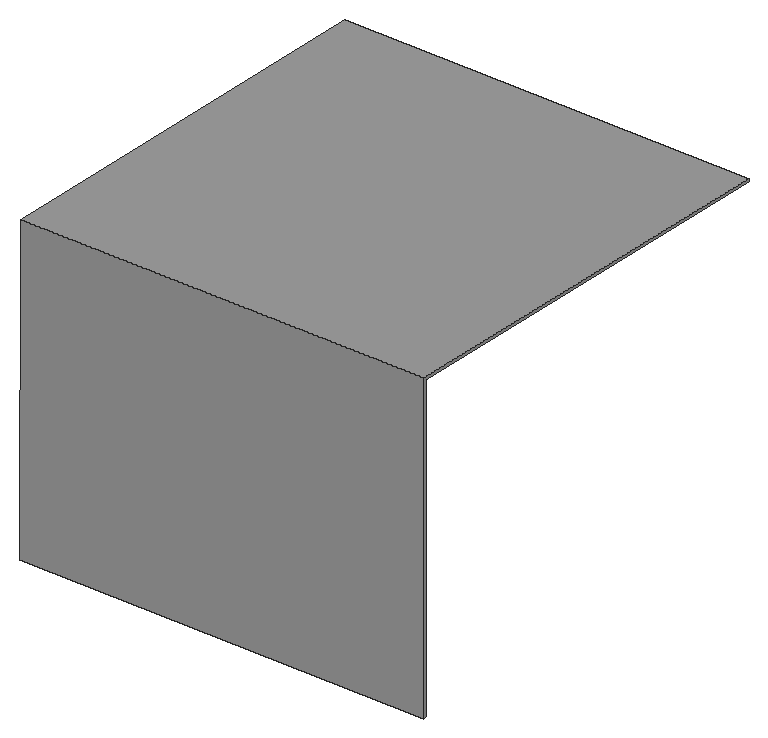
Revit family "Flashing_Preformed_Hyload_CornerCap-Ext", category Generic Models, Revit 2014
Parameters (values of type "As Specified")
  Unit Width = 0' - 8"
  Unit Height = 0' - 6"
  Unit Depth = 0' - 8 1/16"
  URL = "http://www.hyload.com/"
  Thickness = 0' - 0 1/16"
  Specification = "http://www.arcat.com/sdspecs/htm04/07_65_00hyl.htm"
  Sales Information = "http://www.hyload.com/contact-us"
  Revision = "R1_12-2015"
  Product Properties = "http://www.hyload.com/masonry-flashing/preformed-shapes/"
  Product Data = "http://www.arcat.com/arcatcos/cos33/arc33176.html"
  Model = "Exterior Corner Cap"
  Manufacturer Website = "http://www.hyload.com/"
  Manufacturer Phone - Toll Free = "800-457-4056"
  Manufacturer Phone = "330-769-3546"
  Manufacturer Fax = "330-769-4153"
  Manufacturer Address = "5020 Panther Pkwy., Seville, OH 44273"
  Manufacturer = "Hyload"
  Keynote = "07 65 00"
  Flashing Material = Hyload Flashing Membrane - Grey
  Drawn By = "Robert S. Weygant / Sumex Design"
  Description = "Preformed Hyload Masonry Flashing - Exterior Corner Cap"
  Copyright = "(c) ARCAT, Inc, 2015"
  Construction Details = "http://www.arcat.com/details/hyload/hyload.html?coid=33176"
  Assembly Code = "B3010400"
Reference planes (in)
  plane 1 "Center (Front/Back)": y = 0
  plane 2: z = 0
  plane 3 "Center (Left/Right)": x = 0
  plane 4: y = 8.0625
  plane 5: x = 8
  plane 6 "Top": z = 6
Forms (in)
  Extrusion 1, solid, material "Hyload Flashing Membrane - Grey" <- "Flashing Material"
    sketch origin (0, 0, 6) x (-1, 0, 0) y (0, -1, 0)
      loop
        line (0, -8.0625) -> (0, 0) -> (-8, 0) -> (-8, -8.0625) -> (0, -8.0625)
    from 0 to 0.0625 <- "Thickness"
  Extrusion 2, solid, material "Hyload Flashing Membrane - Grey" <- "Flashing Material"
    sketch origin (0, 0, 0) x (1, 0, 0) y (0, 1, 0)
      loop
        line (0, 8.0625) -> (0, 0) -> (8, 0) -> (8, 0.0625) -> (0.0625, 0.0625) -> (0.0625, 8.0625) -> (0, 8.0625)
    from 0 to 6 <- "Unit Height"
Cuts and joins
  joined: Extrusion 1, Extrusion 2
Dimensions and locks (in)
  "Unit Depth": plane 1 "Center (Front/Back)" to plane 4
  "Unit Width": plane 3 "Center (Left/Right)" to plane 5
  "Unit Height": plane 6 "Top" to level
  "Thickness": plane 1 "Center (Front/Back)" to Extrusion 2 sketch curve
  "Thickness": plane 3 "Center (Left/Right)" to Extrusion 2 sketch curve
  plane 3 "Center (Left/Right)" to Extrusion 2 = 0' - 8"
  aligned and locked: plane 2 to level
  aligned and locked: Extrusion 1 sketch curve to plane 4
  aligned and locked: plane 3 "Center (Left/Right)" to Extrusion 1 sketch curve
  aligned and locked: Extrusion 1 sketch curve to plane 1 "Center (Front/Back)"
  aligned and locked: Extrusion 1 sketch curve to plane 5
  aligned and locked: plane 4 to Extrusion 2 sketch curve
  aligned and locked: Extrusion 2 sketch curve to plane 3 "Center (Left/Right)"
  aligned and locked: plane 1 "Center (Front/Back)" to Extrusion 2 sketch curve
  aligned and locked: plane 5 to Extrusion 2 sketch curve
  aligned and locked: Extrusion 2 to level
